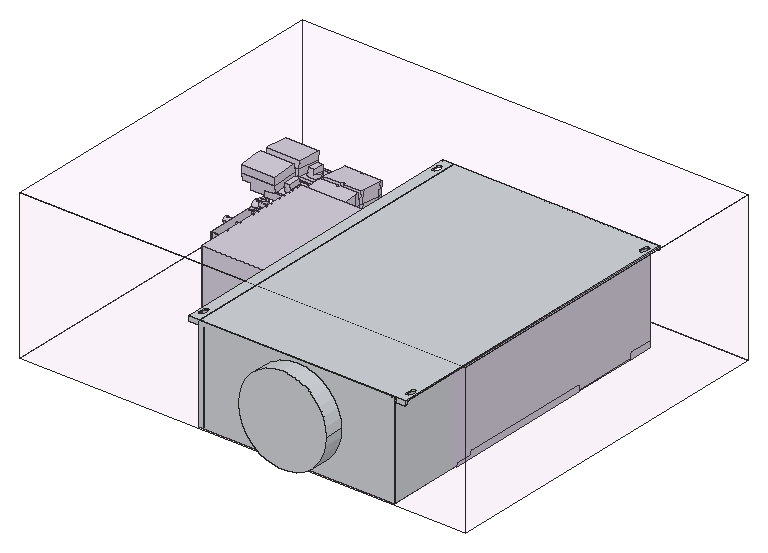
Revit family "04 - MAT270 - 250 DIS - Belimo ePIV Valves (With Bypass)", category Mechanical Equipment, host Ceiling, Revit 2018 (continued)
Definition of nested family "ePIV Valve Assembly (With Bypass)"
  Definition of nested family "FlowCon Bypass"
    Automatic sketch dimensions
      Extrusion 22 sketch curve to Extrusion 22 sketch curve = 3.666 mm  (x3)
      Extrusion 22 sketch curve to Extrusion 22 sketch curve = 7.332 mm  (x2)
      Extrusion 23 sketch curve to Revolve 3 = 0.00 mm  (x2)
      Revolve 3 to Extrusion 23 sketch curve = 6.35 mm
      Extrusion 23 sketch curve to Revolve 3 = 6.35 mm
      Extrusion 23 sketch curve to Extrusion 23 sketch curve = 3.666 mm  (x3)
      Extrusion 23 sketch curve to Extrusion 23 sketch curve = 7.332 mm  (x2)
      Extrusion 24 sketch curve to Revolve 2 = 0.00 mm
      Extrusion 24 sketch curve to Extrusion 24 sketch curve = 40.00 mm
      Revolve 26 sketch curve to level = 0.00 mm  (x2)
      Revolve 26 sketch curve to plane 5 = 0.00 mm
      Revolve 26 sketch curve to plane 6 = 0.00 mm
      Revolve 26 sketch curve to plane 7 "Centre" = 6.50 mm
      Revolve 26 sketch curve to plane 1 "Center (Front/Back)" = 15.00 mm
      Revolve 26 sketch curve to Revolve 26 sketch curve = 4.00 mm
      Revolve 26 sketch curve to Revolve 26 sketch curve = 3.00 mm
      Revolve 26 sketch curve to plane 5 = 10.00 mm
      Revolve 26 sketch curve to Revolve 26 sketch curve = 12.973 mm
      Revolve 27 sketch curve to plane 1 "Center (Front/Back)" = 0.00 mm  (x2)
      Revolve 27 sketch curve to plane 1 "Center (Front/Back)" = 11.50 mm
      plane 4 to Revolve 27 sketch curve = 22.00 mm
      Revolve 27 sketch curve to Revolve 27 sketch curve = 5.00 mm
      Revolve 27 sketch curve to Revolve 27 sketch curve = 16.00 mm
      Extrusion 28 sketch curve to level = 0.00 mm
      Extrusion 28 sketch curve to plane 1 "Center (Front/Back)" = 0.00 mm  (x2)
      Extrusion 28 sketch curve to plane 4 = 0.00 mm
      Extrusion 29 sketch curve to Extrusion 29 sketch curve = 0.00 mm  (x12)
      plane 1 "Center (Front/Back)" to Extrusion 29 sketch curve = 0.00 mm
      Extrusion 29 sketch curve to plane 8 = 33.00 mm
      Extrusion 29 sketch curve to Extrusion 29 sketch curve = 9.50 mm
      Extrusion 29 sketch curve to Extrusion 29 sketch curve = 2.00 mm
      Extrusion 32 sketch curve to Extrusion 32 sketch curve = 0.00 mm
      Extrusion 32 sketch curve to Extrusion 32 sketch curve = 11.00 mm  (x2)
      Extrusion 32 sketch curve to Extrusion 32 sketch curve = 2.00 mm
      Extrusion 32 sketch curve to Extrusion 32 sketch curve = 38.00 mm
      Extrusion 32 sketch curve to Extrusion 32 sketch curve = 1.00 mm  (x2)
      Extrusion 33 sketch curve to Extrusion 33 sketch curve = 4.50 mm
      Extrusion 33 sketch curve to Extrusion 33 sketch curve = 9.00 mm  (x2)
      Extrusion 33 sketch curve to Extrusion 33 sketch curve = 4.00 mm  (x2)
      Extrusion 33 sketch curve to Extrusion 33 sketch curve = 3.00 mm  (x2)
      Extrusion 33 sketch curve to Extrusion 33 sketch curve = 15.50 mm
      Extrusion 33 sketch curve to Extrusion 33 sketch curve = 2.00 mm  (x3)
      Extrusion 33 sketch curve to Extrusion 33 sketch curve = 0.70 mm
      Extrusion 33 sketch curve to Extrusion 33 sketch curve = 7.30 mm
      Extrusion 33 sketch curve to Extrusion 33 sketch curve = 13.00 mm
      Extrusion 33 sketch curve to Extrusion 33 sketch curve = 3.15 mm
      Extrusion 33 sketch curve to Extrusion 33 sketch curve = 6.15 mm
      Extrusion 34 to Extrusion 35 sketch curve = 0.00 mm
      Extrusion 35 sketch curve to Extrusion 34 = 0.00 mm  (x5)
      Extrusion 34 to Extrusion 35 sketch curve = 1.50 mm  (x4)
      Extrusion 34 to Extrusion 35 sketch curve = 11.00 mm
      Extrusion 35 sketch curve to Extrusion 35 sketch curve = 1.50 mm  (x2)
      Extrusion 35 sketch curve to Extrusion 35 sketch curve = 6.00 mm
      Extrusion 35 sketch curve to Extrusion 34 = 1.50 mm  (x2)
      Extrusion 36 sketch curve to Extrusion 33 = 0.00 mm  (x7)
      Extrusion 33 to Extrusion 36 sketch curve = 0.00 mm
      Extrusion 37 sketch curve to Extrusion 36 = 0.00 mm  (x4)
      Extrusion 37 sketch curve to Extrusion 37 sketch curve = 1.50 mm  (x2)
      Extrusion 37 sketch curve to Extrusion 36 = 1.50 mm  (x2)
      Extrusion 38 sketch curve to Extrusion 38 sketch curve = 4.50 mm
      Extrusion 38 sketch curve to Extrusion 38 sketch curve = 9.00 mm  (x2)
      Extrusion 38 sketch curve to Extrusion 38 sketch curve = 4.00 mm  (x2)
      Extrusion 38 sketch curve to Extrusion 38 sketch curve = 3.00 mm  (x2)
      Extrusion 38 sketch curve to Extrusion 38 sketch curve = 15.50 mm
      Extrusion 38 sketch curve to Extrusion 38 sketch curve = 2.00 mm  (x3)
      Extrusion 38 sketch curve to Extrusion 38 sketch curve = 0.70 mm
      Extrusion 38 sketch curve to Extrusion 38 sketch curve = 7.30 mm
      Extrusion 38 sketch curve to Extrusion 38 sketch curve = 13.00 mm
      Extrusion 38 sketch curve to Extrusion 38 sketch curve = 3.15 mm
      Extrusion 38 sketch curve to Extrusion 38 sketch curve = 6.15 mm
      Extrusion 39 sketch curve to Extrusion 33 = 0.00 mm  (x4)
      Extrusion 33 to Extrusion 39 sketch curve = 17.85 mm
      Extrusion 39 sketch curve to Extrusion 39 sketch curve = 2.70 mm
      Extrusion 39 sketch curve to Extrusion 39 sketch curve = 16.45 mm
      Extrusion 39 sketch curve to Extrusion 39 sketch curve = 3.00 mm
      Extrusion 40 sketch curve to Extrusion 33 = 0.00 mm  (x4)
      Extrusion 33 to Extrusion 40 sketch curve = 18.55 mm
      Extrusion 40 sketch curve to Extrusion 40 sketch curve = 2.00 mm
      Extrusion 40 sketch curve to Extrusion 40 sketch curve = 0.00 mm
      Extrusion 40 sketch curve to Extrusion 40 sketch curve = 7.30 mm
      Extrusion 41 sketch curve to Extrusion 39 = 0.00 mm  (x5)
      Extrusion 39 to Extrusion 41 sketch curve = 0.00 mm
      Extrusion 39 to Extrusion 41 sketch curve = 1.50 mm  (x4)
      Extrusion 41 sketch curve to Extrusion 41 sketch curve = 11.00 mm
      Extrusion 41 sketch curve to Extrusion 41 sketch curve = 1.50 mm  (x2)
      Extrusion 41 sketch curve to Extrusion 41 sketch curve = 6.00 mm
      Extrusion 41 sketch curve to Extrusion 39 = 1.50 mm  (x2)
      Extrusion 42 sketch curve to Extrusion 40 = 0.00 mm  (x4)
      Extrusion 40 to Extrusion 42 sketch curve = 1.50 mm
      Extrusion 42 sketch curve to Extrusion 40 = 1.50 mm  (x3)
      Extrusion 36 to Extrusion 43 sketch curve = 3.50 mm  (x4)
      Extrusion 43 sketch curve to Extrusion 36 = 1.50 mm  (x4)
      Extrusion 36 to Extrusion 43 sketch curve = 1.526 mm
      Extrusion 43 sketch curve to Extrusion 36 = 2.887 mm  (x2)
      Extrusion 36 to Extrusion 43 sketch curve = 2.887 mm  (x2)
      Extrusion 43 sketch curve to Extrusion 43 sketch curve = 2.887 mm  (x4)
      Extrusion 43 sketch curve to Extrusion 43 sketch curve = 28.453 mm
      Extrusion 43 sketch curve to Extrusion 43 sketch curve = 5.774 mm  (x2)
      Extrusion 45 sketch curve to Revolve 26 = 0.00 mm
      Extrusion 45 sketch curve to Extrusion 45 sketch curve = 40.00 mm
      Extrusion 46 sketch curve to plane 11 = 0.00 mm
      plane 1 "Center (Front/Back)" to Extrusion 46 sketch curve = 0.50 mm
      Extrusion 46 sketch curve to plane 11 = 10.50 mm
      plane 11 to Extrusion 46 sketch curve = 10.50 mm
      Extrusion 46 sketch curve to plane 1 "Center (Front/Back)" = 0.50 mm
      Revolve 25 sketch curve to plane 4 = 0.00 mm  (x2)
      Revolve 25 sketch curve to plane 5 = 0.00 mm
      Revolve 25 sketch curve to plane 6 = 0.00 mm
      Revolve 25 sketch curve to plane 1 "Center (Front/Back)" = 15.00 mm
      Revolve 25 sketch curve to Revolve 25 sketch curve = 3.00 mm
      Revolve 25 sketch curve to plane 5 = 5.00 mm
      Revolve 25 sketch curve to Revolve 25 sketch curve = 7.148 mm
      Revolve 25 to Extrusion 44 sketch curve = 7.794 mm  (x2)
      Revolve 25 to Extrusion 44 sketch curve = 15.588 mm
      Extrusion 44 sketch curve to Extrusion 44 sketch curve = 13.50 mm  (x3)
      Extrusion 44 sketch curve to Revolve 25 = 15.588 mm
      Extrusion 44 sketch curve to Revolve 25 = 7.794 mm  (x2)
      Revolve 25 to Extrusion 49 sketch curve = 0.00 mm
      Extrusion 49 sketch curve to Extrusion 49 sketch curve = 66.00 mm
      Extrusion 49 sketch curve to Extrusion 49 sketch curve = 0.00 mm  (x2)
      Extrusion 49 sketch curve to Extrusion 49 sketch curve = 40.00 mm  (x2)
      radius of Extrusion 4 sketch curve = 8.00 mm  (x2)
      radius of Extrusion 6 sketch curve to Extrusion 4 = 0.50 mm  (x2)
      radius of Extrusion 7 sketch curve to Extrusion 6 = 0.50 mm  (x2)
      radius of Extrusion 24 sketch curve to Revolve 2 = 4.25 mm
      radius of Extrusion 24 sketch curve = 9.25 mm
      radius of Extrusion 28 sketch curve = 8.00 mm  (x2)
      radius of Extrusion 30 sketch curve to Extrusion 28 = 0.50 mm  (x2)
      radius of Extrusion 31 sketch curve to Extrusion 30 = 0.50 mm  (x2)
      radius of Extrusion 45 sketch curve to Revolve 26 = 4.25 mm
      radius of Extrusion 45 sketch curve = 9.25 mm
      radius of Extrusion 49 sketch curve to Revolve 25 = 4.25 mm
      radius of Extrusion 49 sketch curve = 9.25 mm  (x3)
Types (20, lengths in mm): name | Intake Width | Right Side Clearance | RH Components Visible | Overall Width | No of Outlet Connections | Left Side Clearance | LH Components Visible | Handing | FCU Width | DS_5 | DS_4 | DS_3 | DS_2 | Circular Spigot Spacing | Circular Spigot Position | S_No
  MAT270 - Size 100 LH | 530.00 | 10.00 | no | 1102.00 | 1 | 636.00 | yes | "LH" | 616.00 | no | no | no | no | 555.00 | 308.00 | 1
  MAT270 - Size 100 RH | 530.00 | 636.00 | yes | 1102.00 | 1 | 10.00 | no | "RH" | 616.00 | no | no | no | no | 555.00 | 308.00 | 1
  MAT270 - Size 200 LH | 830.00 | 10.00 | no | 1402.00 | 1 | 636.00 | yes | "LH" | 916.00 | no | no | no | no | 855.00 | 458.00 | 1
  MAT270 - Size 200 RH | 830.00 | 636.00 | yes | 1402.00 | 1 | 10.00 | no | "RH" | 916.00 | no | no | no | no | 855.00 | 458.00 | 1
  MAT270 - Size 250 LH | 830.00 | 10.00 | no | 1402.00 | 2 | 636.00 | yes | "LH" | 916.00 | no | no | no | yes | 430.00 | 243.00 | 2
  MAT270 - Size 250 RH | 830.00 | 636.00 | yes | 1402.00 | 2 | 10.00 | no | "RH" | 916.00 | no | no | no | yes | 430.00 | 243.00 | 2
  MAT270 - Size 300 LH | 1130.00 | 10.00 | no | 1702.00 | 2 | 636.00 | yes | "LH" | 1216.00 | no | no | no | yes | 580.00 | 318.00 | 2
  MAT270 - Size 300 RH | 1130.00 | 636.00 | yes | 1702.00 | 2 | 10.00 | no | "RH" | 1216.00 | no | no | no | yes | 580.00 | 318.00 | 2
  MAT270 - Size 350 LH | 1130.00 | 10.00 | no | 1702.00 | 3 | 636.00 | yes | "LH" | 1216.00 | no | no | yes | yes | 385.00 | 223.00 | 3
  MAT270 - Size 350 RH | 1130.00 | 636.00 | yes | 1702.00 | 3 | 10.00 | no | "RH" | 1216.00 | no | no | yes | yes | 385.00 | 223.00 | 3
  MAT270 - Size 400 LH | 1430.00 | 10.00 | no | 2002.00 | 3 | 636.00 | yes | "LH" | 1516.00 | no | no | yes | yes | 485.00 | 273.00 | 3
  MAT270 - Size 400 RH | 1430.00 | 636.00 | yes | 2002.00 | 3 | 10.00 | no | "RH" | 1516.00 | no | no | yes | yes | 485.00 | 273.00 | 3
  MAT270 - Size 500 LH | 1730.00 | 10.00 | no | 2302.00 | 3 | 636.00 | yes | "LH" | 1816.00 | no | no | yes | yes | 585.00 | 323.00 | 3
  MAT270 - Size 500 RH | 1730.00 | 636.00 | yes | 2302.00 | 3 | 10.00 | no | "RH" | 1816.00 | no | no | yes | yes | 585.00 | 323.00 | 3
  MAT270 - Size 550 LH | 1730.00 | 10.00 | no | 2302.00 | 4 | 636.00 | yes | "LH" | 1816.00 | no | yes | yes | yes | 440.00 | 248.00 | 4
  MAT270 - Size 550 RH | 1730.00 | 636.00 | yes | 2302.00 | 4 | 10.00 | no | "RH" | 1816.00 | no | yes | yes | yes | 440.00 | 248.00 | 4
  MAT270 - Size 600 LH | 2030.00 | 10.00 | no | 2602.00 | 4 | 636.00 | yes | "LH" | 2116.00 | no | yes | yes | yes | 515.00 | 285.50 | 4
  MAT270 - Size 600 RH | 2030.00 | 636.00 | yes | 2602.00 | 4 | 10.00 | no | "RH" | 2116.00 | no | yes | yes | yes | 515.00 | 285.50 | 4
  MAT270 - Size 650 LH | 2030.00 | 10.00 | no | 2602.00 | 5 | 636.00 | yes | "LH" | 2116.00 | yes | yes | yes | yes | 410.00 | 238.00 | 5
  MAT270 - Size 650 RH | 2030.00 | 636.00 | yes | 2602.00 | 5 | 10.00 | no | "RH" | 2116.00 | yes | yes | yes | yes | 410.00 | 238.00 | 5
